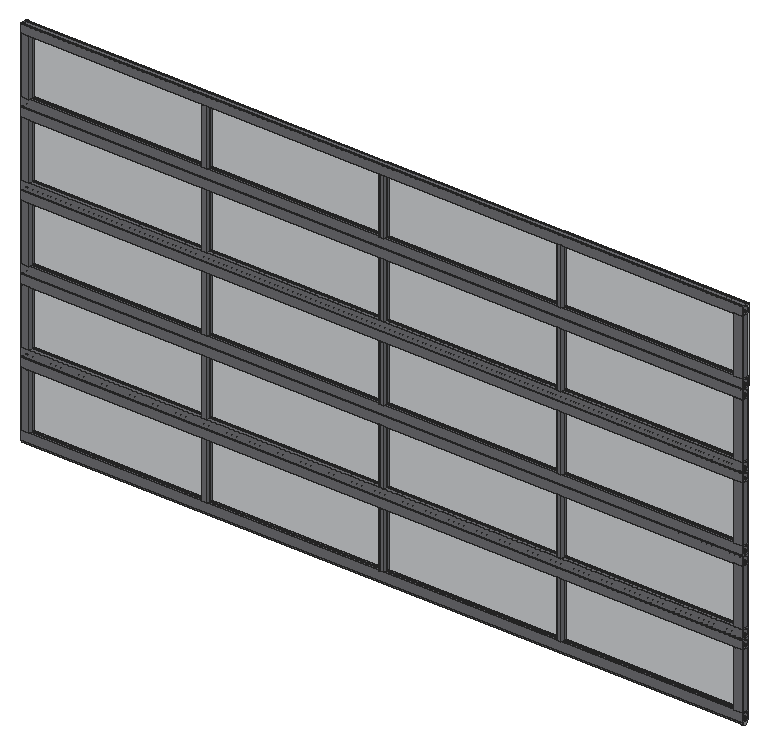
Revit family "GACD 20P GG CRV", category Doors, host Wall, Revit 2024
Family settings
  Host = Wall
  OmniClass Number = 23.30.10.00
  OmniClass Title = Doors
  Always vertical = Yes
  Cut with Voids When Loaded = No
  Shared = No
  Room Calculation Point = No
Parameters
  Wall Opening [instance] = 4880 mm
  Function = Interior
  Frame Projection Ext. = 25 mm
  Frame Projection Int. = 25 mm
  Frame Width = 75 mm
  Height = 2530 mm
  Wall Closure = By host
  Width = 4880 mm
Reference planes
  plane 1: y = 0
  plane 2 "Center (Left/Right)": x = 0
  plane 3 "Left": x = -2440
  plane 4 "Right": x = 2440
  plane 5: z = 2530
  plane 6 "Exterior": y = 75
  plane 7 "Interior": y = -75
  plane 8 "Garage Bottom": y = 75
  plane 9 "Garage Left": x = 2470
  plane 10 "Garage Right": x = -2470
  plane 11 "Garage Top": z = 2570
Forms (mm)
  Extrusion 1, solid, material "ALUMINIUM CHAR (TEST)"
    sketch origin (2744.172, 296, 1693.954) x (1, 0, 0) y (0, 1, 0)
      loop
        line (-5154.172, -375) -> (-5214.172, -375) -> (-5214.172, -378.9) -> (-5212.372, -378.9) -> (-5212.372, -376.8) -> (-5210.372, -376.8) -> (-5210.372, -384.9) -> (-5212.372, -384.9) -> (-5212.372, -382.9) -> (-5214.172, -382.9) -> (-5214.172, -411.1) -> (-5212.372, -411.1) -> (-5212.372, -409.1) -> (-5210.372, -409.1) -> (-5210.372, -417.2) -> (-5212.372, -417.2) -> (-5212.372, -415.1) -> (-5214.172, -415.1) -> (-5214.172, -419) -> (-5154.172, -419) -> (-5154.172, -399) -> (-5155.238, -399) -> (-5155.479, -401.75) -> (-5156.772, -401.75) -> (-5156.772, -383.5) -> (-5155.567, -383.5) -> (-5155.165, -385) -> (-5154.172, -385) -> (-5154.172, -375)
      loop
        line (-5208.772, -376.75) -> (-5208.772, -386.7) -> (-5212.372, -386.7) -> (-5212.372, -407.3) -> (-5208.772, -407.3) -> (-5208.772, -417.25) -> (-5201.625, -417.25) -> (-5200.672, -416.7) -> (-5197.672, -416.7) -> (-5196.72, -417.25) -> (-5171.425, -417.25) -> (-5170.472, -416.7) -> (-5167.472, -416.7) -> (-5166.52, -417.25) -> (-5155.972, -417.25) -> (-5155.972, -403.55) -> (-5158.572, -403.55) -> (-5158.572, -381.7) -> (-5155.972, -381.7) -> (-5155.972, -376.75) -> (-5166.52, -376.75) -> (-5167.472, -377.3) -> (-5170.472, -377.3) -> (-5171.425, -376.75) -> (-5196.72, -376.75) -> (-5197.672, -377.3) -> (-5200.672, -377.3) -> (-5201.625, -376.75) -> (-5208.772, -376.75)
      loop
        line (-334.172, -375) -> (-334.172, -385) -> (-333.179, -385) -> (-332.777, -383.5) -> (-331.572, -383.5) -> (-331.572, -401.75) -> (-332.866, -401.75) -> (-333.106, -399) -> (-334.172, -399) -> (-334.172, -419) -> (-274.172, -419) -> (-274.172, -415.1) -> (-275.972, -415.1) -> (-275.972, -417.2) -> (-277.972, -417.2) -> (-277.972, -409.1) -> (-275.972, -409.1) -> (-275.972, -411.1) -> (-274.172, -411.1) -> (-274.172, -382.9) -> (-275.972, -382.9) -> (-275.972, -384.9) -> (-277.972, -384.9) -> (-277.972, -376.8) -> (-275.972, -376.8) -> (-275.972, -378.9) -> (-274.172, -378.9) -> (-274.172, -375) -> (-334.172, -375)
      loop
        line (-287.672, -377.3) -> (-290.672, -377.3) -> (-291.625, -376.75) -> (-316.92, -376.75) -> (-317.872, -377.3) -> (-320.872, -377.3) -> (-321.825, -376.75) -> (-332.372, -376.75) -> (-332.372, -381.7) -> (-329.772, -381.7) -> (-329.772, -403.55) -> (-332.372, -403.55) -> (-332.372, -417.25) -> (-321.825, -417.25) -> (-320.872, -416.7) -> (-317.872, -416.7) -> (-316.92, -417.25) -> (-291.625, -417.25) -> (-290.672, -416.7) -> (-287.672, -416.7) -> (-286.72, -417.25) -> (-279.572, -417.25) -> (-279.572, -407.3) -> (-275.972, -407.3) -> (-275.972, -386.7) -> (-279.572, -386.7) -> (-279.572, -376.75) -> (-286.72, -376.75) -> (-287.672, -377.3)
      loop
        line (-1516.672, -375) -> (-1546.672, -375) -> (-1546.672, -385) -> (-1545.679, -385) -> (-1545.277, -383.5) -> (-1544.072, -383.5) -> (-1544.072, -401.75) -> (-1545.366, -401.75) -> (-1545.606, -399) -> (-1546.672, -399) -> (-1546.672, -419) -> (-1516.672, -419) -> (-1516.672, -399) -> (-1517.738, -399) -> (-1517.979, -401.75) -> (-1519.272, -401.75) -> (-1519.272, -383.5) -> (-1518.067, -383.5) -> (-1517.665, -385) -> (-1516.672, -385) -> (-1516.672, -375)
      loop
        line (-1544.872, -376.75) -> (-1544.872, -381.7) -> (-1542.272, -381.7) -> (-1542.272, -403.55) -> (-1544.872, -403.55) -> (-1544.872, -417.25) -> (-1518.472, -417.25) -> (-1518.472, -403.55) -> (-1521.072, -403.55) -> (-1521.072, -381.7) -> (-1518.472, -381.7) -> (-1518.472, -376.75) -> (-1544.872, -376.75)
      loop
        line (-2729.172, -375) -> (-2759.172, -375) -> (-2759.172, -385) -> (-2758.179, -385) -> (-2757.777, -383.5) -> (-2756.572, -383.5) -> (-2756.572, -401.75) -> (-2757.866, -401.75) -> (-2758.106, -399) -> (-2759.172, -399) -> (-2759.172, -419) -> (-2729.172, -419) -> (-2729.172, -399) -> (-2730.238, -399) -> (-2730.479, -401.75) -> (-2731.772, -401.75) -> (-2731.772, -383.5) -> (-2730.567, -383.5) -> (-2730.165, -385) -> (-2729.172, -385) -> (-2729.172, -375)
      loop
        line (-2757.372, -376.75) -> (-2757.372, -381.7) -> (-2754.772, -381.7) -> (-2754.772, -403.55) -> (-2757.372, -403.55) -> (-2757.372, -417.25) -> (-2730.972, -417.25) -> (-2730.972, -403.55) -> (-2733.572, -403.55) -> (-2733.572, -381.7) -> (-2730.972, -381.7) -> (-2730.972, -376.75) -> (-2757.372, -376.75)
      loop
        line (-3941.672, -375) -> (-3971.672, -375) -> (-3971.672, -385) -> (-3970.679, -385) -> (-3970.277, -383.5) -> (-3969.072, -383.5) -> (-3969.072, -401.75) -> (-3970.366, -401.75) -> (-3970.606, -399) -> (-3971.672, -399) -> (-3971.672, -419) -> (-3941.672, -419) -> (-3941.672, -399) -> (-3942.738, -399) -> (-3942.979, -401.75) -> (-3944.272, -401.75) -> (-3944.272, -383.5) -> (-3943.067, -383.5) -> (-3942.665, -385) -> (-3941.672, -385) -> (-3941.672, -375)
      loop
        line (-3969.872, -376.75) -> (-3969.872, -381.7) -> (-3967.272, -381.7) -> (-3967.272, -403.55) -> (-3969.872, -403.55) -> (-3969.872, -417.25) -> (-3943.472, -417.25) -> (-3943.472, -403.55) -> (-3946.072, -403.55) -> (-3946.072, -381.7) -> (-3943.472, -381.7) -> (-3943.472, -376.75) -> (-3969.872, -376.75)
    from 430.846 to 816.046
  Extrusion 2, solid, material "ALUMINIUM CHAR (TEST)"
    sketch origin (0, -4, 2189.909) x (0, -1, 0) y (0, 0, -1)
      loop
        line (75, 2170) -> (75, 2110) -> (85, 2110) -> (85, 2110.993) -> (83.5, 2111.395) -> (83.5, 2112.6) -> (101.75, 2112.6) -> (101.75, 2111.307) -> (99, 2111.066) -> (99, 2110) -> (119, 2110) -> (119, 2170) -> (115.1, 2170) -> (115.1, 2168.2) -> (117.2, 2168.2) -> (117.2, 2166.2) -> (109.1, 2166.2) -> (109.1, 2168.2) -> (111.1, 2168.2) -> (111.1, 2170) -> (82.9, 2170) -> (82.9, 2168.2) -> (84.9, 2168.2) -> (84.9, 2166.2) -> (76.8, 2166.2) -> (76.8, 2168.2) -> (78.9, 2168.2) -> (78.9, 2170) -> (75, 2170)
      loop
        line (117.25, 2157.453) -> (117.25, 2164.6) -> (107.3, 2164.6) -> (107.3, 2168.2) -> (86.7, 2168.2) -> (86.7, 2164.6) -> (76.75, 2164.6) -> (76.75, 2157.453) -> (77.3, 2156.5) -> (77.3, 2153.5) -> (76.75, 2152.547) -> (76.75, 2127.253) -> (77.3, 2126.3) -> (77.3, 2123.3) -> (76.75, 2122.347) -> (76.75, 2111.8) -> (81.7, 2111.8) -> (81.7, 2114.4) -> (103.55, 2114.4) -> (103.55, 2111.8) -> (117.25, 2111.8) -> (117.25, 2122.347) -> (116.7, 2123.3) -> (116.7, 2126.3) -> (117.25, 2127.253) -> (117.25, 2152.547) -> (116.7, 2153.5) -> (116.7, 2156.5) -> (117.25, 2157.453)
      loop
        line (75, -380.091) -> (78.9, -380.091) -> (78.9, -378.291) -> (76.8, -378.291) -> (76.8, -376.291) -> (84.9, -376.291) -> (84.9, -378.291) -> (82.9, -378.291) -> (82.9, -380.091) -> (111.1, -380.091) -> (111.1, -378.291) -> (109.1, -378.291) -> (109.1, -376.291) -> (117.2, -376.291) -> (117.2, -378.291) -> (115.1, -378.291) -> (115.1, -380.091) -> (119, -380.091) -> (119, -320.091) -> (99, -320.091) -> (99, -321.157) -> (101.75, -321.398) -> (101.75, -322.691) -> (83.5, -322.691) -> (83.5, -321.486) -> (85, -321.084) -> (85, -320.091) -> (75, -320.091) -> (75, -380.091)
      loop
        line (117.25, -367.544) -> (116.7, -366.591) -> (116.7, -363.591) -> (117.25, -362.639) -> (117.25, -337.344) -> (116.7, -336.391) -> (116.7, -333.391) -> (117.25, -332.439) -> (117.25, -321.891) -> (103.55, -321.891) -> (103.55, -324.491) -> (81.7, -324.491) -> (81.7, -321.891) -> (76.75, -321.891) -> (76.75, -332.439) -> (77.3, -333.391) -> (77.3, -336.391) -> (76.75, -337.344) -> (76.75, -362.639) -> (77.3, -363.591) -> (77.3, -366.591) -> (76.75, -367.544) -> (76.75, -374.691) -> (86.7, -374.691) -> (86.7, -378.291) -> (107.3, -378.291) -> (107.3, -374.691) -> (117.25, -374.691) -> (117.25, -367.544)
    from -2470 to 2470
  Extrusion 3, solid, material "ALUMINIUM CHAR (TEST)"
    sketch origin (0, -4, 3811.454) x (0, -1, 0) y (0, 0, -1)
      loop
        line (75, 3286.254) -> (78.9, 3286.254) -> (78.9, 3288.054) -> (76.8, 3288.054) -> (76.8, 3290.054) -> (84.9, 3290.054) -> (84.9, 3288.054) -> (82.9, 3288.054) -> (82.9, 3286.254) -> (111.1, 3286.254) -> (111.1, 3288.054) -> (109.1, 3288.054) -> (109.1, 3290.054) -> (117.2, 3290.054) -> (117.2, 3288.054) -> (115.1, 3288.054) -> (115.1, 3286.254) -> (119, 3286.254) -> (119, 3346.254) -> (99, 3346.254) -> (99, 3345.188) -> (101.75, 3344.948) -> (101.75, 3343.654) -> (83.5, 3343.654) -> (83.5, 3344.86) -> (85, 3345.261) -> (85, 3346.254) -> (75, 3346.254) -> (75, 3286.254)
      loop
        line (117.25, 3298.802) -> (116.7, 3299.754) -> (116.7, 3302.754) -> (117.25, 3303.707) -> (117.25, 3329.002) -> (116.7, 3329.954) -> (116.7, 3332.954) -> (117.25, 3333.907) -> (117.25, 3344.454) -> (103.55, 3344.454) -> (103.55, 3341.854) -> (81.7, 3341.854) -> (81.7, 3344.454) -> (76.75, 3344.454) -> (76.75, 3333.907) -> (77.3, 3332.954) -> (77.3, 3329.954) -> (76.75, 3329.002) -> (76.75, 3303.707) -> (77.3, 3302.754) -> (77.3, 3299.754) -> (76.75, 3298.802) -> (76.75, 3291.654) -> (86.7, 3291.654) -> (86.7, 3288.054) -> (107.3, 3288.054) -> (107.3, 3291.654) -> (117.25, 3291.654) -> (117.25, 3298.802)
      loop
        line (75, 3280.254) -> (75, 3220.254) -> (85, 3220.254) -> (85, 3221.247) -> (83.5, 3221.649) -> (83.5, 3222.854) -> (101.75, 3222.854) -> (101.75, 3221.561) -> (99, 3221.32) -> (99, 3220.254) -> (119, 3220.254) -> (119, 3280.254) -> (115.1, 3280.254) -> (115.1, 3278.454) -> (117.2, 3278.454) -> (117.2, 3276.454) -> (109.1, 3276.454) -> (109.1, 3278.454) -> (111.1, 3278.454) -> (111.1, 3280.254) -> (82.9, 3280.254) -> (82.9, 3278.454) -> (84.9, 3278.454) -> (84.9, 3276.454) -> (76.8, 3276.454) -> (76.8, 3278.454) -> (78.9, 3278.454) -> (78.9, 3280.254) -> (75, 3280.254)
      loop
        line (117.25, 3267.707) -> (117.25, 3274.854) -> (107.3, 3274.854) -> (107.3, 3278.454) -> (86.7, 3278.454) -> (86.7, 3274.854) -> (76.75, 3274.854) -> (76.75, 3267.707) -> (77.3, 3266.754) -> (77.3, 3263.754) -> (76.75, 3262.802) -> (76.75, 3237.507) -> (77.3, 3236.554) -> (77.3, 3233.554) -> (76.75, 3232.602) -> (76.75, 3222.054) -> (81.7, 3222.054) -> (81.7, 3224.654) -> (103.55, 3224.654) -> (103.55, 3222.054) -> (117.25, 3222.054) -> (117.25, 3232.602) -> (116.7, 3233.554) -> (116.7, 3236.554) -> (117.25, 3237.507) -> (117.25, 3262.802) -> (116.7, 3263.754) -> (116.7, 3266.754) -> (117.25, 3267.707)
      loop
        line (75, 2775.054) -> (78.9, 2775.054) -> (78.9, 2776.854) -> (76.8, 2776.854) -> (76.8, 2778.854) -> (84.9, 2778.854) -> (84.9, 2776.854) -> (82.9, 2776.854) -> (82.9, 2775.054) -> (111.1, 2775.054) -> (111.1, 2776.854) -> (109.1, 2776.854) -> (109.1, 2778.854) -> (117.2, 2778.854) -> (117.2, 2776.854) -> (115.1, 2776.854) -> (115.1, 2775.054) -> (119, 2775.054) -> (119, 2835.054) -> (99, 2835.054) -> (99, 2833.988) -> (101.75, 2833.748) -> (101.75, 2832.454) -> (83.5, 2832.454) -> (83.5, 2833.66) -> (85, 2834.061) -> (85, 2835.054) -> (75, 2835.054) -> (75, 2775.054)
      loop
        line (117.25, 2787.602) -> (116.7, 2788.554) -> (116.7, 2791.554) -> (117.25, 2792.507) -> (117.25, 2817.802) -> (116.7, 2818.754) -> (116.7, 2821.754) -> (117.25, 2822.707) -> (117.25, 2833.254) -> (103.55, 2833.254) -> (103.55, 2830.654) -> (81.7, 2830.654) -> (81.7, 2833.254) -> (76.75, 2833.254) -> (76.75, 2822.707) -> (77.3, 2821.754) -> (77.3, 2818.754) -> (76.75, 2817.802) -> (76.75, 2792.507) -> (77.3, 2791.554) -> (77.3, 2788.554) -> (76.75, 2787.602) -> (76.75, 2780.454) -> (86.7, 2780.454) -> (86.7, 2776.854) -> (107.3, 2776.854) -> (107.3, 2780.454) -> (117.25, 2780.454) -> (117.25, 2787.602)
      loop
        line (75, 2769.054) -> (75, 2709.054) -> (85, 2709.054) -> (85, 2710.047) -> (83.5, 2710.449) -> (83.5, 2711.654) -> (101.75, 2711.654) -> (101.75, 2710.361) -> (99, 2710.12) -> (99, 2709.054) -> (119, 2709.054) -> (119, 2769.054) -> (115.1, 2769.054) -> (115.1, 2767.254) -> (117.2, 2767.254) -> (117.2, 2765.254) -> (109.1, 2765.254) -> (109.1, 2767.254) -> (111.1, 2767.254) -> (111.1, 2769.054) -> (82.9, 2769.054) -> (82.9, 2767.254) -> (84.9, 2767.254) -> (84.9, 2765.254) -> (76.8, 2765.254) -> (76.8, 2767.254) -> (78.9, 2767.254) -> (78.9, 2769.054) -> (75, 2769.054)
      loop
        line (117.25, 2756.507) -> (117.25, 2763.654) -> (107.3, 2763.654) -> (107.3, 2767.254) -> (86.7, 2767.254) -> (86.7, 2763.654) -> (76.75, 2763.654) -> (76.75, 2756.507) -> (77.3, 2755.554) -> (77.3, 2752.554) -> (76.75, 2751.602) -> (76.75, 2726.307) -> (77.3, 2725.354) -> (77.3, 2722.354) -> (76.75, 2721.402) -> (76.75, 2710.854) -> (81.7, 2710.854) -> (81.7, 2713.454) -> (103.55, 2713.454) -> (103.55, 2710.854) -> (117.25, 2710.854) -> (117.25, 2721.402) -> (116.7, 2722.354) -> (116.7, 2725.354) -> (117.25, 2726.307) -> (117.25, 2751.602) -> (116.7, 2752.554) -> (116.7, 2755.554) -> (117.25, 2756.507)
      loop
        line (75, 2263.854) -> (78.9, 2263.854) -> (78.9, 2265.654) -> (76.8, 2265.654) -> (76.8, 2267.654) -> (84.9, 2267.654) -> (84.9, 2265.654) -> (82.9, 2265.654) -> (82.9, 2263.854) -> (111.1, 2263.854) -> (111.1, 2265.654) -> (109.1, 2265.654) -> (109.1, 2267.654) -> (117.2, 2267.654) -> (117.2, 2265.654) -> (115.1, 2265.654) -> (115.1, 2263.854) -> (119, 2263.854) -> (119, 2323.854) -> (99, 2323.854) -> (99, 2322.788) -> (101.75, 2322.548) -> (101.75, 2321.254) -> (83.5, 2321.254) -> (83.5, 2322.46) -> (85, 2322.861) -> (85, 2323.854) -> (75, 2323.854) -> (75, 2263.854)
      loop
        line (117.25, 2276.402) -> (116.7, 2277.354) -> (116.7, 2280.354) -> (117.25, 2281.307) -> (117.25, 2306.602) -> (116.7, 2307.554) -> (116.7, 2310.554) -> (117.25, 2311.507) -> (117.25, 2322.054) -> (103.55, 2322.054) -> (103.55, 2319.454) -> (81.7, 2319.454) -> (81.7, 2322.054) -> (76.75, 2322.054) -> (76.75, 2311.507) -> (77.3, 2310.554) -> (77.3, 2307.554) -> (76.75, 2306.602) -> (76.75, 2281.307) -> (77.3, 2280.354) -> (77.3, 2277.354) -> (76.75, 2276.402) -> (76.75, 2269.254) -> (86.7, 2269.254) -> (86.7, 2265.654) -> (107.3, 2265.654) -> (107.3, 2269.254) -> (117.25, 2269.254) -> (117.25, 2276.402)
      loop
        line (75, 2257.854) -> (75, 2197.854) -> (85, 2197.854) -> (85, 2198.847) -> (83.5, 2199.249) -> (83.5, 2200.454) -> (101.75, 2200.454) -> (101.75, 2199.161) -> (99, 2198.92) -> (99, 2197.854) -> (119, 2197.854) -> (119, 2257.854) -> (115.1, 2257.854) -> (115.1, 2256.054) -> (117.2, 2256.054) -> (117.2, 2254.054) -> (109.1, 2254.054) -> (109.1, 2256.054) -> (111.1, 2256.054) -> (111.1, 2257.854) -> (82.9, 2257.854) -> (82.9, 2256.054) -> (84.9, 2256.054) -> (84.9, 2254.054) -> (76.8, 2254.054) -> (76.8, 2256.054) -> (78.9, 2256.054) -> (78.9, 2257.854) -> (75, 2257.854)
      loop
        line (117.25, 2245.307) -> (117.25, 2252.454) -> (107.3, 2252.454) -> (107.3, 2256.054) -> (86.7, 2256.054) -> (86.7, 2252.454) -> (76.75, 2252.454) -> (76.75, 2245.307) -> (77.3, 2244.354) -> (77.3, 2241.354) -> (76.75, 2240.402) -> (76.75, 2215.107) -> (77.3, 2214.154) -> (77.3, 2211.154) -> (76.75, 2210.202) -> (76.75, 2199.654) -> (81.7, 2199.654) -> (81.7, 2202.254) -> (103.55, 2202.254) -> (103.55, 2199.654) -> (117.25, 2199.654) -> (117.25, 2210.202) -> (116.7, 2211.154) -> (116.7, 2214.154) -> (117.25, 2215.107) -> (117.25, 2240.402) -> (116.7, 2241.354) -> (116.7, 2244.354) -> (117.25, 2245.307)
      loop
        line (75, 1752.654) -> (78.9, 1752.654) -> (78.9, 1754.454) -> (76.8, 1754.454) -> (76.8, 1756.454) -> (84.9, 1756.454) -> (84.9, 1754.454) -> (82.9, 1754.454) -> (82.9, 1752.654) -> (111.1, 1752.654) -> (111.1, 1754.454) -> (109.1, 1754.454) -> (109.1, 1756.454) -> (117.2, 1756.454) -> (117.2, 1754.454) -> (115.1, 1754.454) -> (115.1, 1752.654) -> (119, 1752.654) -> (119, 1812.654) -> (99, 1812.654) -> (99, 1811.588) -> (101.75, 1811.348) -> (101.75, 1810.054) -> (83.5, 1810.054) -> (83.5, 1811.26) -> (85, 1811.661) -> (85, 1812.654) -> (75, 1812.654) -> (75, 1752.654)
      loop
        line (117.25, 1765.202) -> (116.7, 1766.154) -> (116.7, 1769.154) -> (117.25, 1770.107) -> (117.25, 1795.402) -> (116.7, 1796.354) -> (116.7, 1799.354) -> (117.25, 1800.307) -> (117.25, 1810.854) -> (103.55, 1810.854) -> (103.55, 1808.254) -> (81.7, 1808.254) -> (81.7, 1810.854) -> (76.75, 1810.854) -> (76.75, 1800.307) -> (77.3, 1799.354) -> (77.3, 1796.354) -> (76.75, 1795.402) -> (76.75, 1770.107) -> (77.3, 1769.154) -> (77.3, 1766.154) -> (76.75, 1765.202) -> (76.75, 1758.054) -> (86.7, 1758.054) -> (86.7, 1754.454) -> (107.3, 1754.454) -> (107.3, 1758.054) -> (117.25, 1758.054) -> (117.25, 1765.202)
      loop
        line (75, 1746.654) -> (75, 1686.654) -> (85, 1686.654) -> (85, 1687.647) -> (83.5, 1688.049) -> (83.5, 1689.254) -> (101.75, 1689.254) -> (101.75, 1687.961) -> (99, 1687.72) -> (99, 1686.654) -> (119, 1686.654) -> (119, 1746.654) -> (115.1, 1746.654) -> (115.1, 1744.854) -> (117.2, 1744.854) -> (117.2, 1742.854) -> (109.1, 1742.854) -> (109.1, 1744.854) -> (111.1, 1744.854) -> (111.1, 1746.654) -> (82.9, 1746.654) -> (82.9, 1744.854) -> (84.9, 1744.854) -> (84.9, 1742.854) -> (76.8, 1742.854) -> (76.8, 1744.854) -> (78.9, 1744.854) -> (78.9, 1746.654) -> (75, 1746.654)
      loop
        line (117.25, 1734.107) -> (117.25, 1741.254) -> (107.3, 1741.254) -> (107.3, 1744.854) -> (86.7, 1744.854) -> (86.7, 1741.254) -> (76.75, 1741.254) -> (76.75, 1734.107) -> (77.3, 1733.154) -> (77.3, 1730.154) -> (76.75, 1729.202) -> (76.75, 1703.907) -> (77.3, 1702.954) -> (77.3, 1699.954) -> (76.75, 1699.002) -> (76.75, 1688.454) -> (81.7, 1688.454) -> (81.7, 1691.054) -> (103.55, 1691.054) -> (103.55, 1688.454) -> (117.25, 1688.454) -> (117.25, 1699.002) -> (116.7, 1699.954) -> (116.7, 1702.954) -> (117.25, 1703.907) -> (117.25, 1729.202) -> (116.7, 1730.154) -> (116.7, 1733.154) -> (117.25, 1734.107)
    from -2470 to 2470
  Extrusion 4, solid, material "Rubber, Natural"
    sketch origin (0, 0, 0) x (0, 1, 0) y (0, 0, 1)
      loop
        line (-111, 19.909) -> (-111, 16.909) -> (-106, 16.909) -> (-106, 14.004)
        spline (-106, 14.004) -> (-109.192, 11.809) -> (-110.848, 8.808) -> (-110.659, 5.562) -> (-108.66, 2.681) -> (-105.226, 0.703) -> (-101, 0) -> (-96.774, 0.703) -> (-93.34, 2.681) -> (-91.341, 5.562) -> (-91.152, 8.808) -> (-92.808, 11.809) -> (-96, 14.004)
        line (-96, 14.004) -> (-96, 16.909) -> (-91, 16.909) -> (-91, 19.909) -> (-111, 19.909)
      loop
        line (-98, 16.909) -> (-104, 16.909) -> (-104, 14.633)
        arc (-104, 14.633) -> (-101, 15.009) -> (-98, 14.633) r 12.129
        line (-98, 14.633) -> (-98, 16.909)
      loop
        spline (-101, 1.513) -> (-98.929, 1.717) -> (-97, 2.316) -> (-95.343, 3.268) -> (-94.072, 4.509) -> (-93.273, 5.954) -> (-93, 7.505) -> (-93.273, 9.055) -> (-94.072, 10.501) -> (-95.343, 11.742) -> (-97, 12.694) -> (-98.929, 13.292) -> (-101, 13.496)
        spline (-101, 13.496) -> (-103.071, 13.292) -> (-105, 12.694) -> (-106.657, 11.742) -> (-107.928, 10.501) -> (-108.727, 9.055) -> (-109, 7.505) -> (-108.727, 5.954) -> (-107.928, 4.509) -> (-106.657, 3.268) -> (-105, 2.316) -> (-103.071, 1.717) -> (-101, 1.513)
    from -2470 to 2470
  Extrusion 5, solid, material "Rubber, Natural"
    sketch origin (0, 16.15, 1625.346) x (0, 1, 0) y (0, 0, 1)
      loop
        line (-104, -1090.992) -> (-104, -1091.992) -> (-101.5, -1091.992) -> (-101.5, -1094.019)
        spline (-101.5, -1094.019) -> (-102.841, -1094.321) -> (-103.739, -1094.912) -> (-103.978, -1095.65) -> (-103.501, -1096.356) -> (-102.421, -1096.862) -> (-101, -1097.046) -> (-99.579, -1096.862) -> (-98.499, -1096.356) -> (-98.022, -1095.65) -> (-98.261, -1094.912) -> (-99.159, -1094.321) -> (-100.5, -1094.019)
        line (-100.5, -1094.019) -> (-100.5, -1091.992) -> (-98, -1091.992) -> (-98, -1090.992) -> (-104, -1090.992)
      loop
        line (-136.3, -1090.992) -> (-136.3, -1091.992) -> (-133.8, -1091.992) -> (-133.8, -1094.019)
        spline (-133.8, -1094.019) -> (-135.141, -1094.321) -> (-136.039, -1094.912) -> (-136.278, -1095.65) -> (-135.801, -1096.356) -> (-134.721, -1096.862) -> (-133.3, -1097.046) -> (-131.879, -1096.862) -> (-130.799, -1096.356) -> (-130.322, -1095.65) -> (-130.561, -1094.912) -> (-131.459, -1094.321) -> (-132.8, -1094.019)
        line (-132.8, -1094.019) -> (-132.8, -1091.992) -> (-130.3, -1091.992) -> (-130.3, -1090.992) -> (-136.3, -1090.992)
      loop
        line (-104, -1103.299) -> (-98, -1103.299) -> (-98, -1102.299) -> (-100.5, -1102.299) -> (-100.5, -1100.272)
        spline (-100.5, -1100.272) -> (-99.159, -1099.97) -> (-98.261, -1099.379) -> (-98.022, -1098.642) -> (-98.499, -1097.935) -> (-99.579, -1097.429) -> (-101, -1097.246) -> (-102.421, -1097.429) -> (-103.501, -1097.935) -> (-103.978, -1098.642) -> (-103.739, -1099.379) -> (-102.841, -1099.97) -> (-101.5, -1100.272)
        line (-101.5, -1100.272) -> (-101.5, -1102.299) -> (-104, -1102.299) -> (-104, -1103.299)
      loop
        line (-136.3, -1103.299) -> (-130.3, -1103.299) -> (-130.3, -1102.299) -> (-132.8, -1102.299) -> (-132.8, -1100.272)
        spline (-132.8, -1100.272) -> (-131.459, -1099.97) -> (-130.561, -1099.379) -> (-130.322, -1098.642) -> (-130.799, -1097.935) -> (-131.879, -1097.429) -> (-133.3, -1097.246) -> (-134.721, -1097.429) -> (-135.801, -1097.935) -> (-136.278, -1098.642) -> (-136.039, -1099.379) -> (-135.141, -1099.97) -> (-133.8, -1100.272)
        line (-133.8, -1100.272) -> (-133.8, -1102.299) -> (-136.3, -1102.299) -> (-136.3, -1103.299)
      loop
        line (-104, -579.792) -> (-104, -580.792) -> (-101.5, -580.792) -> (-101.5, -582.819)
        spline (-101.5, -582.819) -> (-102.841, -583.121) -> (-103.739, -583.712) -> (-103.978, -584.45) -> (-103.501, -585.156) -> (-102.421, -585.662) -> (-101, -585.846) -> (-99.579, -585.662) -> (-98.499, -585.156) -> (-98.022, -584.45) -> (-98.261, -583.712) -> (-99.159, -583.121) -> (-100.5, -582.819)
        line (-100.5, -582.819) -> (-100.5, -580.792) -> (-98, -580.792) -> (-98, -579.792) -> (-104, -579.792)
      loop
        line (-136.3, -579.792) -> (-136.3, -580.792) -> (-133.8, -580.792) -> (-133.8, -582.819)
        spline (-133.8, -582.819) -> (-135.141, -583.121) -> (-136.039, -583.712) -> (-136.278, -584.45) -> (-135.801, -585.156) -> (-134.721, -585.662) -> (-133.3, -585.846) -> (-131.879, -585.662) -> (-130.799, -585.156) -> (-130.322, -584.45) -> (-130.561, -583.712) -> (-131.459, -583.121) -> (-132.8, -582.819)
        line (-132.8, -582.819) -> (-132.8, -580.792) -> (-130.3, -580.792) -> (-130.3, -579.792) -> (-136.3, -579.792)
      loop
        line (-104, -592.099) -> (-98, -592.099) -> (-98, -591.099) -> (-100.5, -591.099) -> (-100.5, -589.072)
        spline (-100.5, -589.072) -> (-99.159, -588.77) -> (-98.261, -588.179) -> (-98.022, -587.442) -> (-98.499, -586.735) -> (-99.579, -586.229) -> (-101, -586.046) -> (-102.421, -586.229) -> (-103.501, -586.735) -> (-103.978, -587.442) -> (-103.739, -588.179) -> (-102.841, -588.77) -> (-101.5, -589.072)
        line (-101.5, -589.072) -> (-101.5, -591.099) -> (-104, -591.099) -> (-104, -592.099)
      loop
        line (-136.3, -592.099) -> (-130.3, -592.099) -> (-130.3, -591.099) -> (-132.8, -591.099) -> (-132.8, -589.072)
        spline (-132.8, -589.072) -> (-131.459, -588.77) -> (-130.561, -588.179) -> (-130.322, -587.442) -> (-130.799, -586.735) -> (-131.879, -586.229) -> (-133.3, -586.046) -> (-134.721, -586.229) -> (-135.801, -586.735) -> (-136.278, -587.442) -> (-136.039, -588.179) -> (-135.141, -588.77) -> (-133.8, -589.072)
        line (-133.8, -589.072) -> (-133.8, -591.099) -> (-136.3, -591.099) -> (-136.3, -592.099)
      loop
        line (-104, -68.592) -> (-104, -69.592) -> (-101.5, -69.592) -> (-101.5, -71.619)
        spline (-101.5, -71.619) -> (-102.841, -71.921) -> (-103.739, -72.512) -> (-103.978, -73.25) -> (-103.501, -73.956) -> (-102.421, -74.462) -> (-101, -74.646) -> (-99.579, -74.462) -> (-98.499, -73.956) -> (-98.022, -73.25) -> (-98.261, -72.512) -> (-99.159, -71.921) -> (-100.5, -71.619)
        line (-100.5, -71.619) -> (-100.5, -69.592) -> (-98, -69.592) -> (-98, -68.592) -> (-104, -68.592)
      loop
        line (-136.3, -68.592) -> (-136.3, -69.592) -> (-133.8, -69.592) -> (-133.8, -71.619)
        spline (-133.8, -71.619) -> (-135.141, -71.921) -> (-136.039, -72.512) -> (-136.278, -73.25) -> (-135.801, -73.956) -> (-134.721, -74.462) -> (-133.3, -74.646) -> (-131.879, -74.462) -> (-130.799, -73.956) -> (-130.322, -73.25) -> (-130.561, -72.512) -> (-131.459, -71.921) -> (-132.8, -71.619)
        line (-132.8, -71.619) -> (-132.8, -69.592) -> (-130.3, -69.592) -> (-130.3, -68.592) -> (-136.3, -68.592)
      loop
        line (-104, -80.899) -> (-98, -80.899) -> (-98, -79.899) -> (-100.5, -79.899) -> (-100.5, -77.872)
        spline (-100.5, -77.872) -> (-99.159, -77.57) -> (-98.261, -76.979) -> (-98.022, -76.242) -> (-98.499, -75.535) -> (-99.579, -75.029) -> (-101, -74.846) -> (-102.421, -75.029) -> (-103.501, -75.535) -> (-103.978, -76.242) -> (-103.739, -76.979) -> (-102.841, -77.57) -> (-101.5, -77.872)
        line (-101.5, -77.872) -> (-101.5, -79.899) -> (-104, -79.899) -> (-104, -80.899)
      loop
        line (-136.3, -80.899) -> (-130.3, -80.899) -> (-130.3, -79.899) -> (-132.8, -79.899) -> (-132.8, -77.872)
        spline (-132.8, -77.872) -> (-131.459, -77.57) -> (-130.561, -76.979) -> (-130.322, -76.242) -> (-130.799, -75.535) -> (-131.879, -75.029) -> (-133.3, -74.846) -> (-134.721, -75.029) -> (-135.801, -75.535) -> (-136.278, -76.242) -> (-136.039, -76.979) -> (-135.141, -77.57) -> (-133.8, -77.872)
        line (-133.8, -77.872) -> (-133.8, -79.899) -> (-136.3, -79.899) -> (-136.3, -80.899)
      loop
        line (-104, 442.608) -> (-104, 441.608) -> (-101.5, 441.608) -> (-101.5, 439.581)
        spline (-101.5, 439.581) -> (-102.841, 439.279) -> (-103.739, 438.688) -> (-103.978, 437.95) -> (-103.501, 437.244) -> (-102.421, 436.738) -> (-101, 436.554) -> (-99.579, 436.738) -> (-98.499, 437.244) -> (-98.022, 437.95) -> (-98.261, 438.688) -> (-99.159, 439.279) -> (-100.5, 439.581)
        line (-100.5, 439.581) -> (-100.5, 441.608) -> (-98, 441.608) -> (-98, 442.608) -> (-104, 442.608)
      loop
        line (-136.3, 442.608) -> (-136.3, 441.608) -> (-133.8, 441.608) -> (-133.8, 439.581)
        spline (-133.8, 439.581) -> (-135.141, 439.279) -> (-136.039, 438.688) -> (-136.278, 437.95) -> (-135.801, 437.244) -> (-134.721, 436.738) -> (-133.3, 436.554) -> (-131.879, 436.738) -> (-130.799, 437.244) -> (-130.322, 437.95) -> (-130.561, 438.688) -> (-131.459, 439.279) -> (-132.8, 439.581)
        line (-132.8, 439.581) -> (-132.8, 441.608) -> (-130.3, 441.608) -> (-130.3, 442.608) -> (-136.3, 442.608)
      loop
        line (-104, 430.301) -> (-98, 430.301) -> (-98, 431.301) -> (-100.5, 431.301) -> (-100.5, 433.328)
        spline (-100.5, 433.328) -> (-99.159, 433.63) -> (-98.261, 434.221) -> (-98.022, 434.958) -> (-98.499, 435.665) -> (-99.579, 436.171) -> (-101, 436.354) -> (-102.421, 436.171) -> (-103.501, 435.665) -> (-103.978, 434.958) -> (-103.739, 434.221) -> (-102.841, 433.63) -> (-101.5, 433.328)
        line (-101.5, 433.328) -> (-101.5, 431.301) -> (-104, 431.301) -> (-104, 430.301)
      loop
        line (-136.3, 430.301) -> (-130.3, 430.301) -> (-130.3, 431.301) -> (-132.8, 431.301) -> (-132.8, 433.328)
        spline (-132.8, 433.328) -> (-131.459, 433.63) -> (-130.561, 434.221) -> (-130.322, 434.958) -> (-130.799, 435.665) -> (-131.879, 436.171) -> (-133.3, 436.354) -> (-134.721, 436.171) -> (-135.801, 435.665) -> (-136.278, 434.958) -> (-136.039, 434.221) -> (-135.141, 433.63) -> (-133.8, 433.328)
        line (-133.8, 433.328) -> (-133.8, 431.301) -> (-136.3, 431.301) -> (-136.3, 430.301)
    from -2470 to 2470
  Extrusion 6, solid, material "ALUMINIUM CHAR (TEST)"
    sketch origin (2744.172, 296, 1153.454) x (1, 0, 0) y (0, 1, 0)
      loop
        line (-5154.172, -375) -> (-5214.172, -375) -> (-5214.172, -378.9) -> (-5212.372, -378.9) -> (-5212.372, -376.8) -> (-5210.372, -376.8) -> (-5210.372, -384.9) -> (-5212.372, -384.9) -> (-5212.372, -382.9) -> (-5214.172, -382.9) -> (-5214.172, -411.1) -> (-5212.372, -411.1) -> (-5212.372, -409.1) -> (-5210.372, -409.1) -> (-5210.372, -417.2) -> (-5212.372, -417.2) -> (-5212.372, -415.1) -> (-5214.172, -415.1) -> (-5214.172, -419) -> (-5154.172, -419) -> (-5154.172, -399) -> (-5155.238, -399) -> (-5155.479, -401.75) -> (-5156.772, -401.75) -> (-5156.772, -383.5) -> (-5155.567, -383.5) -> (-5155.165, -385) -> (-5154.172, -385) -> (-5154.172, -375)
      loop
        line (-5208.772, -376.75) -> (-5208.772, -386.7) -> (-5212.372, -386.7) -> (-5212.372, -407.3) -> (-5208.772, -407.3) -> (-5208.772, -417.25) -> (-5201.625, -417.25) -> (-5200.672, -416.7) -> (-5197.672, -416.7) -> (-5196.72, -417.25) -> (-5171.425, -417.25) -> (-5170.472, -416.7) -> (-5167.472, -416.7) -> (-5166.52, -417.25) -> (-5155.972, -417.25) -> (-5155.972, -403.55) -> (-5158.572, -403.55) -> (-5158.572, -381.7) -> (-5155.972, -381.7) -> (-5155.972, -376.75) -> (-5166.52, -376.75) -> (-5167.472, -377.3) -> (-5170.472, -377.3) -> (-5171.425, -376.75) -> (-5196.72, -376.75) -> (-5197.672, -377.3) -> (-5200.672, -377.3) -> (-5201.625, -376.75) -> (-5208.772, -376.75)
      loop
        line (-334.172, -375) -> (-334.172, -385) -> (-333.179, -385) -> (-332.777, -383.5) -> (-331.572, -383.5) -> (-331.572, -401.75) -> (-332.866, -401.75) -> (-333.106, -399) -> (-334.172, -399) -> (-334.172, -419) -> (-274.172, -419) -> (-274.172, -415.1) -> (-275.972, -415.1) -> (-275.972, -417.2) -> (-277.972, -417.2) -> (-277.972, -409.1) -> (-275.972, -409.1) -> (-275.972, -411.1) -> (-274.172, -411.1) -> (-274.172, -382.9) -> (-275.972, -382.9) -> (-275.972, -384.9) -> (-277.972, -384.9) -> (-277.972, -376.8) -> (-275.972, -376.8) -> (-275.972, -378.9) -> (-274.172, -378.9) -> (-274.172, -375) -> (-334.172, -375)
      loop
        line (-287.672, -377.3) -> (-290.672, -377.3) -> (-291.625, -376.75) -> (-316.92, -376.75) -> (-317.872, -377.3) -> (-320.872, -377.3) -> (-321.825, -376.75) -> (-332.372, -376.75) -> (-332.372, -381.7) -> (-329.772, -381.7) -> (-329.772, -403.55) -> (-332.372, -403.55) -> (-332.372, -417.25) -> (-321.825, -417.25) -> (-320.872, -416.7) -> (-317.872, -416.7) -> (-316.92, -417.25) -> (-291.625, -417.25) -> (-290.672, -416.7) -> (-287.672, -416.7) -> (-286.72, -417.25) -> (-279.572, -417.25) -> (-279.572, -407.3) -> (-275.972, -407.3) -> (-275.972, -386.7) -> (-279.572, -386.7) -> (-279.572, -376.75) -> (-286.72, -376.75) -> (-287.672, -377.3)
      loop
        line (-1516.672, -375) -> (-1546.672, -375) -> (-1546.672, -385) -> (-1545.679, -385) -> (-1545.277, -383.5) -> (-1544.072, -383.5) -> (-1544.072, -401.75) -> (-1545.366, -401.75) -> (-1545.606, -399) -> (-1546.672, -399) -> (-1546.672, -419) -> (-1516.672, -419) -> (-1516.672, -399) -> (-1517.738, -399) -> (-1517.979, -401.75) -> (-1519.272, -401.75) -> (-1519.272, -383.5) -> (-1518.067, -383.5) -> (-1517.665, -385) -> (-1516.672, -385) -> (-1516.672, -375)
      loop
        line (-1544.872, -376.75) -> (-1544.872, -381.7) -> (-1542.272, -381.7) -> (-1542.272, -403.55) -> (-1544.872, -403.55) -> (-1544.872, -417.25) -> (-1518.472, -417.25) -> (-1518.472, -403.55) -> (-1521.072, -403.55) -> (-1521.072, -381.7) -> (-1518.472, -381.7) -> (-1518.472, -376.75) -> (-1544.872, -376.75)
      loop
        line (-2729.172, -375) -> (-2759.172, -375) -> (-2759.172, -385) -> (-2758.179, -385) -> (-2757.777, -383.5) -> (-2756.572, -383.5) -> (-2756.572, -401.75) -> (-2757.866, -401.75) -> (-2758.106, -399) -> (-2759.172, -399) -> (-2759.172, -419) -> (-2729.172, -419) -> (-2729.172, -399) -> (-2730.238, -399) -> (-2730.479, -401.75) -> (-2731.772, -401.75) -> (-2731.772, -383.5) -> (-2730.567, -383.5) -> (-2730.165, -385) -> (-2729.172, -385) -> (-2729.172, -375)
      loop
        line (-2757.372, -376.75) -> (-2757.372, -381.7) -> (-2754.772, -381.7) -> (-2754.772, -403.55) -> (-2757.372, -403.55) -> (-2757.372, -417.25) -> (-2730.972, -417.25) -> (-2730.972, -403.55) -> (-2733.572, -403.55) -> (-2733.572, -381.7) -> (-2730.972, -381.7) -> (-2730.972, -376.75) -> (-2757.372, -376.75)
      loop
        line (-3941.672, -375) -> (-3971.672, -375) -> (-3971.672, -385) -> (-3970.679, -385) -> (-3970.277, -383.5) -> (-3969.072, -383.5) -> (-3969.072, -401.75) -> (-3970.366, -401.75) -> (-3970.606, -399) -> (-3971.672, -399) -> (-3971.672, -419) -> (-3941.672, -419) -> (-3941.672, -399) -> (-3942.738, -399) -> (-3942.979, -401.75) -> (-3944.272, -401.75) -> (-3944.272, -383.5) -> (-3943.067, -383.5) -> (-3942.665, -385) -> (-3941.672, -385) -> (-3941.672, -375)
      loop
        line (-3969.872, -376.75) -> (-3969.872, -381.7) -> (-3967.272, -381.7) -> (-3967.272, -403.55) -> (-3969.872, -403.55) -> (-3969.872, -417.25) -> (-3943.472, -417.25) -> (-3943.472, -403.55) -> (-3946.072, -403.55) -> (-3946.072, -381.7) -> (-3943.472, -381.7) -> (-3943.472, -376.75) -> (-3969.872, -376.75)
    from -51.054 to 334.146
  Extrusion 7, solid, material "ALUMINIUM CHAR (TEST)"
    sketch origin (2744.172, 296, 612.954) x (1, 0, 0) y (0, 1, 0)
      loop
        line (-5154.172, -375) -> (-5214.172, -375) -> (-5214.172, -378.9) -> (-5212.372, -378.9) -> (-5212.372, -376.8) -> (-5210.372, -376.8) -> (-5210.372, -384.9) -> (-5212.372, -384.9) -> (-5212.372, -382.9) -> (-5214.172, -382.9) -> (-5214.172, -411.1) -> (-5212.372, -411.1) -> (-5212.372, -409.1) -> (-5210.372, -409.1) -> (-5210.372, -417.2) -> (-5212.372, -417.2) -> (-5212.372, -415.1) -> (-5214.172, -415.1) -> (-5214.172, -419) -> (-5154.172, -419) -> (-5154.172, -399) -> (-5155.238, -399) -> (-5155.479, -401.75) -> (-5156.772, -401.75) -> (-5156.772, -383.5) -> (-5155.567, -383.5) -> (-5155.165, -385) -> (-5154.172, -385) -> (-5154.172, -375)
      loop
        line (-5208.772, -376.75) -> (-5208.772, -386.7) -> (-5212.372, -386.7) -> (-5212.372, -407.3) -> (-5208.772, -407.3) -> (-5208.772, -417.25) -> (-5201.625, -417.25) -> (-5200.672, -416.7) -> (-5197.672, -416.7) -> (-5196.72, -417.25) -> (-5171.425, -417.25) -> (-5170.472, -416.7) -> (-5167.472, -416.7) -> (-5166.52, -417.25) -> (-5155.972, -417.25) -> (-5155.972, -403.55) -> (-5158.572, -403.55) -> (-5158.572, -381.7) -> (-5155.972, -381.7) -> (-5155.972, -376.75) -> (-5166.52, -376.75) -> (-5167.472, -377.3) -> (-5170.472, -377.3) -> (-5171.425, -376.75) -> (-5196.72, -376.75) -> (-5197.672, -377.3) -> (-5200.672, -377.3) -> (-5201.625, -376.75) -> (-5208.772, -376.75)
      loop
        line (-334.172, -375) -> (-334.172, -385) -> (-333.179, -385) -> (-332.777, -383.5) -> (-331.572, -383.5) -> (-331.572, -401.75) -> (-332.866, -401.75) -> (-333.106, -399) -> (-334.172, -399) -> (-334.172, -419) -> (-274.172, -419) -> (-274.172, -415.1) -> (-275.972, -415.1) -> (-275.972, -417.2) -> (-277.972, -417.2) -> (-277.972, -409.1) -> (-275.972, -409.1) -> (-275.972, -411.1) -> (-274.172, -411.1) -> (-274.172, -382.9) -> (-275.972, -382.9) -> (-275.972, -384.9) -> (-277.972, -384.9) -> (-277.972, -376.8) -> (-275.972, -376.8) -> (-275.972, -378.9) -> (-274.172, -378.9) -> (-274.172, -375) -> (-334.172, -375)
      loop
        line (-287.672, -377.3) -> (-290.672, -377.3) -> (-291.625, -376.75) -> (-316.92, -376.75) -> (-317.872, -377.3) -> (-320.872, -377.3) -> (-321.825, -376.75) -> (-332.372, -376.75) -> (-332.372, -381.7) -> (-329.772, -381.7) -> (-329.772, -403.55) -> (-332.372, -403.55) -> (-332.372, -417.25) -> (-321.825, -417.25) -> (-320.872, -416.7) -> (-317.872, -416.7) -> (-316.92, -417.25) -> (-291.625, -417.25) -> (-290.672, -416.7) -> (-287.672, -416.7) -> (-286.72, -417.25) -> (-279.572, -417.25) -> (-279.572, -407.3) -> (-275.972, -407.3) -> (-275.972, -386.7) -> (-279.572, -386.7) -> (-279.572, -376.75) -> (-286.72, -376.75) -> (-287.672, -377.3)
      loop
        line (-1516.672, -375) -> (-1546.672, -375) -> (-1546.672, -385) -> (-1545.679, -385) -> (-1545.277, -383.5) -> (-1544.072, -383.5) -> (-1544.072, -401.75) -> (-1545.366, -401.75) -> (-1545.606, -399) -> (-1546.672, -399) -> (-1546.672, -419) -> (-1516.672, -419) -> (-1516.672, -399) -> (-1517.738, -399) -> (-1517.979, -401.75) -> (-1519.272, -401.75) -> (-1519.272, -383.5) -> (-1518.067, -383.5) -> (-1517.665, -385) -> (-1516.672, -385) -> (-1516.672, -375)
      loop
        line (-1544.872, -376.75) -> (-1544.872, -381.7) -> (-1542.272, -381.7) -> (-1542.272, -403.55) -> (-1544.872, -403.55) -> (-1544.872, -417.25) -> (-1518.472, -417.25) -> (-1518.472, -403.55) -> (-1521.072, -403.55) -> (-1521.072, -381.7) -> (-1518.472, -381.7) -> (-1518.472, -376.75) -> (-1544.872, -376.75)
      loop
        line (-2729.172, -375) -> (-2759.172, -375) -> (-2759.172, -385) -> (-2758.179, -385) -> (-2757.777, -383.5) -> (-2756.572, -383.5) -> (-2756.572, -401.75) -> (-2757.866, -401.75) -> (-2758.106, -399) -> (-2759.172, -399) -> (-2759.172, -419) -> (-2729.172, -419) -> (-2729.172, -399) -> (-2730.238, -399) -> (-2730.479, -401.75) -> (-2731.772, -401.75) -> (-2731.772, -383.5) -> (-2730.567, -383.5) -> (-2730.165, -385) -> (-2729.172, -385) -> (-2729.172, -375)
      loop
        line (-2757.372, -376.75) -> (-2757.372, -381.7) -> (-2754.772, -381.7) -> (-2754.772, -403.55) -> (-2757.372, -403.55) -> (-2757.372, -417.25) -> (-2730.972, -417.25) -> (-2730.972, -403.55) -> (-2733.572, -403.55) -> (-2733.572, -381.7) -> (-2730.972, -381.7) -> (-2730.972, -376.75) -> (-2757.372, -376.75)
      loop
        line (-3941.672, -375) -> (-3971.672, -375) -> (-3971.672, -385) -> (-3970.679, -385) -> (-3970.277, -383.5) -> (-3969.072, -383.5) -> (-3969.072, -401.75) -> (-3970.366, -401.75) -> (-3970.606, -399) -> (-3971.672, -399) -> (-3971.672, -419) -> (-3941.672, -419) -> (-3941.672, -399) -> (-3942.738, -399) -> (-3942.979, -401.75) -> (-3944.272, -401.75) -> (-3944.272, -383.5) -> (-3943.067, -383.5) -> (-3942.665, -385) -> (-3941.672, -385) -> (-3941.672, -375)
      loop
        line (-3969.872, -376.75) -> (-3969.872, -381.7) -> (-3967.272, -381.7) -> (-3967.272, -403.55) -> (-3969.872, -403.55) -> (-3969.872, -417.25) -> (-3943.472, -417.25) -> (-3943.472, -403.55) -> (-3946.072, -403.55) -> (-3946.072, -381.7) -> (-3943.472, -381.7) -> (-3943.472, -376.75) -> (-3969.872, -376.75)
    from -21.754 to 363.446
  Extrusion 8, solid, material "ALUMINIUM CHAR (TEST)"
    sketch origin (2744.172, 296, 72.454) x (1, 0, 0) y (0, 1, 0)
      loop
        line (-5154.172, -375) -> (-5214.172, -375) -> (-5214.172, -378.9) -> (-5212.372, -378.9) -> (-5212.372, -376.8) -> (-5210.372, -376.8) -> (-5210.372, -384.9) -> (-5212.372, -384.9) -> (-5212.372, -382.9) -> (-5214.172, -382.9) -> (-5214.172, -411.1) -> (-5212.372, -411.1) -> (-5212.372, -409.1) -> (-5210.372, -409.1) -> (-5210.372, -417.2) -> (-5212.372, -417.2) -> (-5212.372, -415.1) -> (-5214.172, -415.1) -> (-5214.172, -419) -> (-5154.172, -419) -> (-5154.172, -399) -> (-5155.238, -399) -> (-5155.479, -401.75) -> (-5156.772, -401.75) -> (-5156.772, -383.5) -> (-5155.567, -383.5) -> (-5155.165, -385) -> (-5154.172, -385) -> (-5154.172, -375)
      loop
        line (-5208.772, -376.75) -> (-5208.772, -386.7) -> (-5212.372, -386.7) -> (-5212.372, -407.3) -> (-5208.772, -407.3) -> (-5208.772, -417.25) -> (-5201.625, -417.25) -> (-5200.672, -416.7) -> (-5197.672, -416.7) -> (-5196.72, -417.25) -> (-5171.425, -417.25) -> (-5170.472, -416.7) -> (-5167.472, -416.7) -> (-5166.52, -417.25) -> (-5155.972, -417.25) -> (-5155.972, -403.55) -> (-5158.572, -403.55) -> (-5158.572, -381.7) -> (-5155.972, -381.7) -> (-5155.972, -376.75) -> (-5166.52, -376.75) -> (-5167.472, -377.3) -> (-5170.472, -377.3) -> (-5171.425, -376.75) -> (-5196.72, -376.75) -> (-5197.672, -377.3) -> (-5200.672, -377.3) -> (-5201.625, -376.75) -> (-5208.772, -376.75)
      loop
        line (-334.172, -375) -> (-334.172, -385) -> (-333.179, -385) -> (-332.777, -383.5) -> (-331.572, -383.5) -> (-331.572, -401.75) -> (-332.866, -401.75) -> (-333.106, -399) -> (-334.172, -399) -> (-334.172, -419) -> (-274.172, -419) -> (-274.172, -415.1) -> (-275.972, -415.1) -> (-275.972, -417.2) -> (-277.972, -417.2) -> (-277.972, -409.1) -> (-275.972, -409.1) -> (-275.972, -411.1) -> (-274.172, -411.1) -> (-274.172, -382.9) -> (-275.972, -382.9) -> (-275.972, -384.9) -> (-277.972, -384.9) -> (-277.972, -376.8) -> (-275.972, -376.8) -> (-275.972, -378.9) -> (-274.172, -378.9) -> (-274.172, -375) -> (-334.172, -375)
      loop
        line (-287.672, -377.3) -> (-290.672, -377.3) -> (-291.625, -376.75) -> (-316.92, -376.75) -> (-317.872, -377.3) -> (-320.872, -377.3) -> (-321.825, -376.75) -> (-332.372, -376.75) -> (-332.372, -381.7) -> (-329.772, -381.7) -> (-329.772, -403.55) -> (-332.372, -403.55) -> (-332.372, -417.25) -> (-321.825, -417.25) -> (-320.872, -416.7) -> (-317.872, -416.7) -> (-316.92, -417.25) -> (-291.625, -417.25) -> (-290.672, -416.7) -> (-287.672, -416.7) -> (-286.72, -417.25) -> (-279.572, -417.25) -> (-279.572, -407.3) -> (-275.972, -407.3) -> (-275.972, -386.7) -> (-279.572, -386.7) -> (-279.572, -376.75) -> (-286.72, -376.75) -> (-287.672, -377.3)
      loop
        line (-1516.672, -375) -> (-1546.672, -375) -> (-1546.672, -385) -> (-1545.679, -385) -> (-1545.277, -383.5) -> (-1544.072, -383.5) -> (-1544.072, -401.75) -> (-1545.366, -401.75) -> (-1545.606, -399) -> (-1546.672, -399) -> (-1546.672, -419) -> (-1516.672, -419) -> (-1516.672, -399) -> (-1517.738, -399) -> (-1517.979, -401.75) -> (-1519.272, -401.75) -> (-1519.272, -383.5) -> (-1518.067, -383.5) -> (-1517.665, -385) -> (-1516.672, -385) -> (-1516.672, -375)
      loop
        line (-1544.872, -376.75) -> (-1544.872, -381.7) -> (-1542.272, -381.7) -> (-1542.272, -403.55) -> (-1544.872, -403.55) -> (-1544.872, -417.25) -> (-1518.472, -417.25) -> (-1518.472, -403.55) -> (-1521.072, -403.55) -> (-1521.072, -381.7) -> (-1518.472, -381.7) -> (-1518.472, -376.75) -> (-1544.872, -376.75)
      loop
        line (-2729.172, -375) -> (-2759.172, -375) -> (-2759.172, -385) -> (-2758.179, -385) -> (-2757.777, -383.5) -> (-2756.572, -383.5) -> (-2756.572, -401.75) -> (-2757.866, -401.75) -> (-2758.106, -399) -> (-2759.172, -399) -> (-2759.172, -419) -> (-2729.172, -419) -> (-2729.172, -399) -> (-2730.238, -399) -> (-2730.479, -401.75) -> (-2731.772, -401.75) -> (-2731.772, -383.5) -> (-2730.567, -383.5) -> (-2730.165, -385) -> (-2729.172, -385) -> (-2729.172, -375)
      loop
        line (-2757.372, -376.75) -> (-2757.372, -381.7) -> (-2754.772, -381.7) -> (-2754.772, -403.55) -> (-2757.372, -403.55) -> (-2757.372, -417.25) -> (-2730.972, -417.25) -> (-2730.972, -403.55) -> (-2733.572, -403.55) -> (-2733.572, -381.7) -> (-2730.972, -381.7) -> (-2730.972, -376.75) -> (-2757.372, -376.75)
      loop
        line (-3941.672, -375) -> (-3971.672, -375) -> (-3971.672, -385) -> (-3970.679, -385) -> (-3970.277, -383.5) -> (-3969.072, -383.5) -> (-3969.072, -401.75) -> (-3970.366, -401.75) -> (-3970.606, -399) -> (-3971.672, -399) -> (-3971.672, -419) -> (-3941.672, -419) -> (-3941.672, -399) -> (-3942.738, -399) -> (-3942.979, -401.75) -> (-3944.272, -401.75) -> (-3944.272, -383.5) -> (-3943.067, -383.5) -> (-3942.665, -385) -> (-3941.672, -385) -> (-3941.672, -375)
      loop
        line (-3969.872, -376.75) -> (-3969.872, -381.7) -> (-3967.272, -381.7) -> (-3967.272, -403.55) -> (-3969.872, -403.55) -> (-3969.872, -417.25) -> (-3943.472, -417.25) -> (-3943.472, -403.55) -> (-3946.072, -403.55) -> (-3946.072, -381.7) -> (-3943.472, -381.7) -> (-3943.472, -376.75) -> (-3969.872, -376.75)
    from 7.454 to 392.746
  Extrusion 9, solid, material "ALUMINIUM CHAR (TEST)"
    sketch origin (2744.172, 296, 1182.754) x (1, 0, 0) y (0, 1, 0)
      loop
        line (-5154.172, -375) -> (-5214.172, -375) -> (-5214.172, -378.9) -> (-5212.372, -378.9) -> (-5212.372, -376.8) -> (-5210.372, -376.8) -> (-5210.372, -384.9) -> (-5212.372, -384.9) -> (-5212.372, -382.9) -> (-5214.172, -382.9) -> (-5214.172, -411.1) -> (-5212.372, -411.1) -> (-5212.372, -409.1) -> (-5210.372, -409.1) -> (-5210.372, -417.2) -> (-5212.372, -417.2) -> (-5212.372, -415.1) -> (-5214.172, -415.1) -> (-5214.172, -419) -> (-5154.172, -419) -> (-5154.172, -399) -> (-5155.238, -399) -> (-5155.479, -401.75) -> (-5156.772, -401.75) -> (-5156.772, -383.5) -> (-5155.567, -383.5) -> (-5155.165, -385) -> (-5154.172, -385) -> (-5154.172, -375)
      loop
        line (-5208.772, -376.75) -> (-5208.772, -386.7) -> (-5212.372, -386.7) -> (-5212.372, -407.3) -> (-5208.772, -407.3) -> (-5208.772, -417.25) -> (-5201.625, -417.25) -> (-5200.672, -416.7) -> (-5197.672, -416.7) -> (-5196.72, -417.25) -> (-5171.425, -417.25) -> (-5170.472, -416.7) -> (-5167.472, -416.7) -> (-5166.52, -417.25) -> (-5155.972, -417.25) -> (-5155.972, -403.55) -> (-5158.572, -403.55) -> (-5158.572, -381.7) -> (-5155.972, -381.7) -> (-5155.972, -376.75) -> (-5166.52, -376.75) -> (-5167.472, -377.3) -> (-5170.472, -377.3) -> (-5171.425, -376.75) -> (-5196.72, -376.75) -> (-5197.672, -377.3) -> (-5200.672, -377.3) -> (-5201.625, -376.75) -> (-5208.772, -376.75)
      loop
        line (-334.172, -375) -> (-334.172, -385) -> (-333.179, -385) -> (-332.777, -383.5) -> (-331.572, -383.5) -> (-331.572, -401.75) -> (-332.866, -401.75) -> (-333.106, -399) -> (-334.172, -399) -> (-334.172, -419) -> (-274.172, -419) -> (-274.172, -415.1) -> (-275.972, -415.1) -> (-275.972, -417.2) -> (-277.972, -417.2) -> (-277.972, -409.1) -> (-275.972, -409.1) -> (-275.972, -411.1) -> (-274.172, -411.1) -> (-274.172, -382.9) -> (-275.972, -382.9) -> (-275.972, -384.9) -> (-277.972, -384.9) -> (-277.972, -376.8) -> (-275.972, -376.8) -> (-275.972, -378.9) -> (-274.172, -378.9) -> (-274.172, -375) -> (-334.172, -375)
      loop
        line (-287.672, -377.3) -> (-290.672, -377.3) -> (-291.625, -376.75) -> (-316.92, -376.75) -> (-317.872, -377.3) -> (-320.872, -377.3) -> (-321.825, -376.75) -> (-332.372, -376.75) -> (-332.372, -381.7) -> (-329.772, -381.7) -> (-329.772, -403.55) -> (-332.372, -403.55) -> (-332.372, -417.25) -> (-321.825, -417.25) -> (-320.872, -416.7) -> (-317.872, -416.7) -> (-316.92, -417.25) -> (-291.625, -417.25) -> (-290.672, -416.7) -> (-287.672, -416.7) -> (-286.72, -417.25) -> (-279.572, -417.25) -> (-279.572, -407.3) -> (-275.972, -407.3) -> (-275.972, -386.7) -> (-279.572, -386.7) -> (-279.572, -376.75) -> (-286.72, -376.75) -> (-287.672, -377.3)
      loop
        line (-1516.672, -375) -> (-1546.672, -375) -> (-1546.672, -385) -> (-1545.679, -385) -> (-1545.277, -383.5) -> (-1544.072, -383.5) -> (-1544.072, -401.75) -> (-1545.366, -401.75) -> (-1545.606, -399) -> (-1546.672, -399) -> (-1546.672, -419) -> (-1516.672, -419) -> (-1516.672, -399) -> (-1517.738, -399) -> (-1517.979, -401.75) -> (-1519.272, -401.75) -> (-1519.272, -383.5) -> (-1518.067, -383.5) -> (-1517.665, -385) -> (-1516.672, -385) -> (-1516.672, -375)
      loop
        line (-1544.872, -376.75) -> (-1544.872, -381.7) -> (-1542.272, -381.7) -> (-1542.272, -403.55) -> (-1544.872, -403.55) -> (-1544.872, -417.25) -> (-1518.472, -417.25) -> (-1518.472, -403.55) -> (-1521.072, -403.55) -> (-1521.072, -381.7) -> (-1518.472, -381.7) -> (-1518.472, -376.75) -> (-1544.872, -376.75)
      loop
        line (-2729.172, -375) -> (-2759.172, -375) -> (-2759.172, -385) -> (-2758.179, -385) -> (-2757.777, -383.5) -> (-2756.572, -383.5) -> (-2756.572, -401.75) -> (-2757.866, -401.75) -> (-2758.106, -399) -> (-2759.172, -399) -> (-2759.172, -419) -> (-2729.172, -419) -> (-2729.172, -399) -> (-2730.238, -399) -> (-2730.479, -401.75) -> (-2731.772, -401.75) -> (-2731.772, -383.5) -> (-2730.567, -383.5) -> (-2730.165, -385) -> (-2729.172, -385) -> (-2729.172, -375)
      loop
        line (-2757.372, -376.75) -> (-2757.372, -381.7) -> (-2754.772, -381.7) -> (-2754.772, -403.55) -> (-2757.372, -403.55) -> (-2757.372, -417.25) -> (-2730.972, -417.25) -> (-2730.972, -403.55) -> (-2733.572, -403.55) -> (-2733.572, -381.7) -> (-2730.972, -381.7) -> (-2730.972, -376.75) -> (-2757.372, -376.75)
      loop
        line (-3941.672, -375) -> (-3971.672, -375) -> (-3971.672, -385) -> (-3970.679, -385) -> (-3970.277, -383.5) -> (-3969.072, -383.5) -> (-3969.072, -401.75) -> (-3970.366, -401.75) -> (-3970.606, -399) -> (-3971.672, -399) -> (-3971.672, -419) -> (-3941.672, -419) -> (-3941.672, -399) -> (-3942.738, -399) -> (-3942.979, -401.75) -> (-3944.272, -401.75) -> (-3944.272, -383.5) -> (-3943.067, -383.5) -> (-3942.665, -385) -> (-3941.672, -385) -> (-3941.672, -375)
      loop
        line (-3969.872, -376.75) -> (-3969.872, -381.7) -> (-3967.272, -381.7) -> (-3967.272, -403.55) -> (-3969.872, -403.55) -> (-3969.872, -417.25) -> (-3943.472, -417.25) -> (-3943.472, -403.55) -> (-3946.072, -403.55) -> (-3946.072, -381.7) -> (-3943.472, -381.7) -> (-3943.472, -376.75) -> (-3969.872, -376.75)
    from 430.846 to 816.046
  Extrusion 10, solid, material "ALUMINIUM (METALLIC GREY TEST)"
    sketch origin (0, 0, 0) x (0, 1, 0) y (0, 0, 1)
      loop
        line (-79, 19.909) -> (-75, 19.909) -> (-75, 525.2) -> (-79, 525.2) -> (-79, 19.909)
      loop
        line (-79, 1042.4) -> (-75, 1042.4) -> (-75, 1547.6) -> (-79, 1547.6) -> (-79, 1042.4)
      loop
        line (-79, 1553.6) -> (-75, 1553.6) -> (-75, 2058.8) -> (-79, 2058.8) -> (-79, 1553.6)
      loop
        line (-79, 2064.8) -> (-75, 2064.8) -> (-75, 2570) -> (-79, 2570) -> (-79, 2064.8)
      loop
        line (-79, 531.2) -> (-75, 531.2) -> (-75, 1036.4) -> (-79, 1036.4) -> (-79, 531.2)
    from 2.957 to 1209.5
  Extrusion 11, solid, material "ALUMINIUM (METALLIC GREY TEST)"
    sketch origin (1212.543, 0, 0) x (0, 1, 0) y (0, 0, 1)
      loop
        line (-79, 19.909) -> (-75, 19.909) -> (-75, 525.2) -> (-79, 525.2) -> (-79, 19.909)
      loop
        line (-79, 1042.4) -> (-75, 1042.4) -> (-75, 1547.6) -> (-79, 1547.6) -> (-79, 1042.4)
      loop
        line (-79, 1553.6) -> (-75, 1553.6) -> (-75, 2058.8) -> (-79, 2058.8) -> (-79, 1553.6)
      loop
        line (-79, 2064.8) -> (-75, 2064.8) -> (-75, 2570) -> (-79, 2570) -> (-79, 2064.8)
      loop
        line (-75, 531.2) -> (-75, 1036.4) -> (-79, 1036.4) -> (-79, 531.2) -> (-75, 531.2)
    from 2.957 to 1257.457
  Extrusion 12, solid, material "ALUMINIUM (METALLIC GREY TEST)"
    sketch origin (0, 0, 0) x (0, 1, 0) y (0, 0, -1)
      loop
        line (-79, -19.909) -> (-79, -525.2) -> (-75, -525.2) -> (-75, -19.909) -> (-79, -19.909)
      loop
        line (-79, -1042.4) -> (-79, -1547.6) -> (-75, -1547.6) -> (-75, -1042.4) -> (-79, -1042.4)
      loop
        line (-79, -1553.6) -> (-79, -2058.8) -> (-75, -2058.8) -> (-75, -1553.6) -> (-79, -1553.6)
      loop
        line (-79, -2064.8) -> (-79, -2570) -> (-75, -2570) -> (-75, -2064.8) -> (-79, -2064.8)
      loop
        line (-79, -531.2) -> (-79, -1036.4) -> (-75, -1036.4) -> (-75, -531.2) -> (-79, -531.2)
    from 2.957 to 1209.5
  Extrusion 13, solid, material "ALUMINIUM (METALLIC GREY TEST)"
    sketch origin (-1212.543, 0, 0) x (0, 1, 0) y (0, 0, -1)
      loop
        line (-79, -19.909) -> (-79, -525.2) -> (-75, -525.2) -> (-75, -19.909) -> (-79, -19.909)
      loop
        line (-79, -1042.4) -> (-79, -1547.6) -> (-75, -1547.6) -> (-75, -1042.4) -> (-79, -1042.4)
      loop
        line (-79, -1553.6) -> (-79, -2058.8) -> (-75, -2058.8) -> (-75, -1553.6) -> (-79, -1553.6)
      loop
        line (-79, -2064.8) -> (-79, -2570) -> (-75, -2570) -> (-75, -2064.8) -> (-79, -2064.8)
      loop
        line (-79, -531.2) -> (-79, -1036.4) -> (-75, -1036.4) -> (-75, -531.2) -> (-79, -531.2)
    from 2.957 to 1257.457
Lines and regions (mm)
  Opening 1
    outline origin (-3050, -75, 0) x (1, 0, 0) y (0, 0, 1)
      loop
        line (610, 0) -> (5490, 0) -> (5490, 2530) -> (610, 2530) -> (610, 0)
  symbolic lines, style "Elevation Swing"
    curve 1: line (-2470, -105, 1694) -> (-2470, -2275, 1694)
    curve 2: line (-2470, -2275, 1694) -> (2470, -2275, 1694)
    curve 3: line (2470, -2275, 1694) -> (2470, -105, 1694)
Text (mm)
  text "Exterior" at (-2295.016, 1099.543, 0), in view "Ref. Level"
  text "Exterior" at (0, 1615.38, 3698.081), in view "Left"
  text "Exterior" at (0, 1036.032, 3874.932), in view "Right"
Dimensions and locks
  equal spacing: plane 3 "Left", plane 2 "Center (Left/Right)", plane 4 "Right"
  "Width": plane 3 "Left" to plane 4 "Right"
  host wall to plane 5 = 2530 mm
  host wall to plane 11 "Garage Top" = 2570 mm
  locked: plane 6 "Exterior" to host wall
  locked: plane 7 "Interior" to host wall
  plane 10 "Garage Right" to plane 9 "Garage Left" = 4940 mm  (x2)
  "Wall Opening": plane 3 "Left" to plane 4 "Right"
  level to Extrusion 4 = 19.909 mm
  aligned and locked: plane 3 "Left" to Opening 1 sketch curve
  aligned and locked: plane 5 to Opening 1 sketch curve  (x2)
